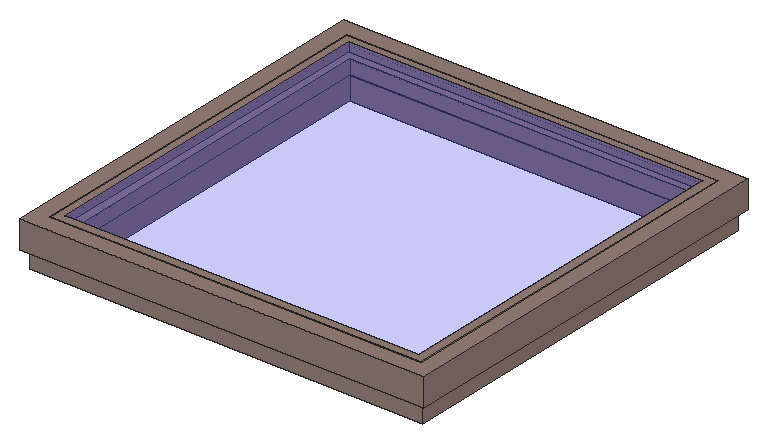
Revit family "M_Claraboia-suspensa", category Janelas, Revit 2019
Family settings
  Hospedeiro = Telhado
  Número OmniClass = 23.30.30.00
  Título OmniClass = Skylights
  Sempre na vertical = Não
  Corte com vazios quando carregada = Não
  Compartilhado = Não
  Ponto de cálculo do ambiente = Não
Parameters (values of type "900 x 900mm")
  Width = 900 mm
  Visual Light Transmittance = 0.9
  Resistência térmica (R) = 0.174331 (m²·K)/W
  Solar Heat Gain Coefficient = 0.86
  Rough Width = Width + 15 mm  # 915 mm
  Rough Height = Height + 15 mm  # 915 mm
  Height = 900 mm
  Coeficiente de transferência de calor (U) = 5.73618 W/(m²·K)
  Material do painel de vidro = Vidro
  Material da moldura = Metal - Bronze, Escovado leve
  Classificação de incêndio = "0.5h"
  Altura base = 80 mm
  Código de montagem = "B2020100"
  Construção analítica = "Janelas de vidraça única – residencial"
Reference planes
  plane 1 "Centro (Frente/Trás)": y = 0
  plane 2 "Telhado": z = 3657.6
  plane 3 "Centro (Esquerda/Direita)": x = 0
  plane 4: x = -450
  plane 5: x = 450
  plane 6: y = 450
  plane 7: y = -450
  plane 8: y = 386.5
  plane 9: y = -386.5
  plane 10: x = -386.5
  plane 11: x = 386.5
  plane 12: x = -462.7
  plane 13: x = 462.7
  plane 14: y = 462.7
  plane 15: y = -462.7
  plane 16: z = 3887.6
  plane 17: z = 3913
  plane 18: y = 424.6
  plane 19: y = -424.6
  plane 20: x = -424.6
  plane 21: x = 424.6
  plane 22: z = 3862.2
Forms (mm)
  Sweep 1, solid, material "Metal - Bronze, Escovado leve" <- "Material da moldura"
    path origin (0, 0, 3657.6) x (1, 0, 0) y (0, 1, 0)
      loop
        line (-450, 450) -> (-450, -450) -> (450, -450) -> (450, 450) -> (-450, 450)
    profile origin (0, 450, 3657.6) x (0, 1, 0) y (0, 0, 1)
      loop
        line (0, 150) -> (0, 230) -> (-25.4, 230) -> (-25.4, 204.6) -> (-63.5, 204.6) -> (-63.5, 150) -> (0, 150)
  Sweep 2, solid, material "Metal - Bronze, Escovado leve" <- "Material da moldura"
    path origin (0, 0, 3657.6) x (1, 0, 0) y (0, 1, 0)
      loop
        line (-450, 450) -> (-450, -450) -> (450, -450) -> (450, 450) -> (-450, 450)
    profile origin (0, 450, 3657.6) x (0, 1, 0) y (0, 0, 1)
      loop
        line (-25.4, 230) -> (0, 230) -> (0, 191.9) -> (12.7, 191.9) -> (12.7, 255.4) -> (-25.4, 255.4) -> (-25.4, 230)
  Extrusion 3, solid, material "Vidro" <- "Material do painel de vidro"
    sketch origin (-228.6, -4572, 3913) x (-1, 0, 0) y (0, -1, 0)
      loop
        line (176.95, -4977.55) -> (176.95, -4166.45) -> (-634.15, -4166.45) -> (-634.15, -4977.55) -> (176.95, -4977.55)
    from 0 to -5.556
  Sweep 4, solid, material "Metal - Bronze, Escovado leve" <- "Material da moldura"
    path origin (-228.6, -4572, 3913) x (-1, 0, 0) y (0, -1, 0)
      loop
        line (196, -4996.6) -> (196, -4147.4) -> (-653.2, -4147.4) -> (-653.2, -4996.6) -> (196, -4996.6)
    profile origin (0, 424.6, 3913) x (0, 1, 0) y (0, 0, 1)
      loop
        line (0, 0) -> (-19.05, 0) -> (-19.05, -19.05) -> (-38.1, -19.05) -> (-38.1, -50.8) -> (0, -50.8) -> (0, 0)
Lines and regions (mm)
  Opening 1
    outline origin (0, 0, 3807.6) x (0, 1, 0) y (-1, 0, 0)
      loop
        line (386.5, 386.5) -> (-386.5, 386.5) -> (-386.5, -386.5) -> (386.5, -386.5) -> (386.5, 386.5)
  model lines, style "Giro da elevação"
    curve 1: line (0, 424.6, 3913) -> (-424.6, -424.6, 3913)
    curve 2: line (0, 424.6, 3913) -> (424.6, -424.6, 3913)
Dimensions and locks
  equal spacing: host sketch curve, plane 3 "Centro (Esquerda/Direita)", host sketch curve
  equal spacing: host sketch curve, plane 1 "Centro (Frente/Trás)", host sketch curve
  equal spacing: plane 6, plane 1 "Centro (Frente/Trás)", plane 7
  equal spacing: plane 4, plane 3 "Centro (Esquerda/Direita)", plane 5
  "Width": plane 4 to plane 5
  "Height": plane 6 to plane 7
  locked: plane 6 to plane 8 at 63.5
  locked: plane 9 to plane 7 at 63.5
  locked: plane 4 to plane 10 at 63.5
  locked: plane 11 to plane 5 at 63.5
  locked: plane 12 to plane 4 at 12.7
  locked: plane 5 to plane 13 at 12.7
  locked: plane 7 to plane 15 at 12.7
  "Altura base": host roof to plane 16
  locked: plane 17 to plane 16 at 25.4
  locked: Sweep 2 sketch curve to plane 16 at 38.1
  locked: plane 6 to plane 18 at 25.4
  locked: plane 19 to plane 7 at 25.4
  locked: plane 4 to plane 20 at 25.4
  locked: plane 21 to plane 5 at 25.4
  locked: plane 22 to plane 16 at 25.4
  locked: plane 14 to plane 6 at 12.7
  locked: plane 18 to Sweep 4 sketch curve at 19.05
  locked: plane 17 to Sweep 4 sketch curve at 19.05
  aligned and locked: plane 2 "Telhado" to level
  aligned and locked: Opening 1 sketch curve to plane 8
  aligned and locked: plane 10 to Opening 1 sketch curve
  aligned and locked: plane 9 to Opening 1 sketch curve
  aligned and locked: Opening 1 sketch curve to plane 11
  aligned and locked: Sweep 1 sketch curve to plane 6  (x2)
  aligned and locked: plane 4 to Sweep 1 sketch curve
  aligned and locked: plane 7 to Sweep 1 sketch curve
  aligned and locked: Sweep 1 sketch curve to plane 5
  aligned and locked: host roof to Sweep 1 sketch curve
  aligned and locked: plane 16 to Sweep 1 sketch curve
  aligned and locked: Sweep 2 sketch curve to Sweep 1  (x4)
  aligned and locked: plane 17 to Sweep 2 sketch curve
  aligned and locked: plane 14 to Sweep 2 sketch curve
  aligned and locked: Sweep 2 sketch curve to plane 6
  aligned and locked: plane 16 to Sweep 2 sketch curve
  aligned and locked: plane 18 to Sweep 2 sketch curve
  aligned and locked: plane 8 to Sweep 1 sketch curve
  aligned and locked: Sweep 1 sketch curve to plane 18
  aligned and locked: Sweep 1 sketch curve to plane 22
  aligned and locked: Sweep 4 sketch curve to Sweep 1  (x4)
  aligned and locked: plane 18 to Sweep 4 sketch curve
  aligned and locked: Sweep 4 sketch curve to plane 17
  aligned and locked: plane 22 to Sweep 4 sketch curve
  aligned and locked: plane 8 to Sweep 4 sketch curve
  aligned and locked: Extrusion 3 to Sweep 4  (x4)
  aligned and locked: plane 20 to curve 1
  aligned and locked: plane 19 to curve 1
  aligned and locked: plane 21 to curve 2
  aligned and locked: plane 19 to curve 2
  aligned and locked: plane 3 "Centro (Esquerda/Direita)" to curve 2
  aligned and locked: plane 18 to curve 2
Automatic sketch dimensions
  plane 18 to Extrusion 3 sketch curve = 19.05 mm
  plane 11 to Extrusion 3 sketch curve = 19.05 mm
  Extrusion 3 sketch curve to plane 19 = 19.05 mm
  plane 20 to Extrusion 3 sketch curve = 19.05 mm
Types in the file's own list only (17): name | Largura | Transmissão de luz visual | Resistência térmica (R) | Coeficiente de ganho de calor solar | Largura bruta | Altura bruta | Altura | Coeficiente de transferência de calor (U)
  600 x 600mm | 600 mm | 0.9 | 0.1743 (m²·K)/W | 0.86 | 615 mm | 615 mm | 600 mm | 5.7362 W/(m²·K)
  600 x 800mm | 600 mm | 0.9 | 0.1743 (m²·K)/W | 0.86 | 615 mm | 815 mm | 800 mm | 5.7362 W/(m²·K)
  600 x 900mm | 600 mm | 0.9 | 0.1743 (m²·K)/W | 0.86 | 615 mm | 915 mm | 900 mm | 5.7362 W/(m²·K)
  600 x 1200mm | 600 mm | 0.9 | 0.1743 (m²·K)/W | 0.86 | 615 mm | 1215 mm | 1200 mm | 5.7362 W/(m²·K)
  800 x 600mm | 800 mm | 0.9 | 0.1743 (m²·K)/W | 0.86 | 815 mm | 615 mm | 600 mm | 5.7362 W/(m²·K)
  800 x 800mm | 800 mm | 0.9 | 0.1743 (m²·K)/W | 0.86 | 815 mm | 815 mm | 800 mm | 5.7362 W/(m²·K)
  800 x 900mm | 800 mm | 0.9 | 0.1743 (m²·K)/W | 0.86 | 815 mm | 915 mm | 900 mm | 5.7362 W/(m²·K)
  900 x 600mm | 900 mm | 0.9 | 0.1743 (m²·K)/W | 0.86 | 915 mm | 615 mm | 600 mm | 5.7362 W/(m²·K)
  900 x 800mm | 900 mm | 0.9 | 0.1743 (m²·K)/W | 0.86 | 915 mm | 815 mm | 800 mm | 5.7362 W/(m²·K)
  900 x 1200mm | 900 mm | 0.9 | 0.1743 (m²·K)/W | 0.86 | 915 mm | 1215 mm | 1200 mm | 5.7362 W/(m²·K)
  1200 x 600mm | 1200 mm | 0.9 | 0.1743 (m²·K)/W | 0.86 | 1215 mm | 615 mm | 600 mm | 5.7362 W/(m²·K)
  1200 x 800mm | 1200 mm | 0.9 | 0.1743 (m²·K)/W | 0.86 | 1215 mm | 815 mm | 800 mm | 5.7362 W/(m²·K)
  1200 x 900mm | 1200 mm | 0.9 | 0.1743 (m²·K)/W | 0.86 | 1215 mm | 915 mm | 900 mm | 5.7362 W/(m²·K)
  1200 x 1200mm | 1200 mm | 0.9 | 0.1743 (m²·K)/W | 0.86 | 1215 mm | 1215 mm | 1200 mm | 5.7362 W/(m²·K)
  1500 x 600mm | 1500 mm | 0.9 | 0.1743 (m²·K)/W | 0.86 | 1515 mm | 615 mm | 600 mm | 5.7362 W/(m²·K)
  1500 x 800mm | 1500 mm | 0.9 | 0.1743 (m²·K)/W | 0.86 | 1515 mm | 815 mm | 800 mm | 5.7362 W/(m²·K)
  1500 x 900mm | 1500 mm | 0.9 | 0.1743 (m²·K)/W | 0.86 | 1515 mm | 915 mm | 900 mm | 5.7362 W/(m²·K)
